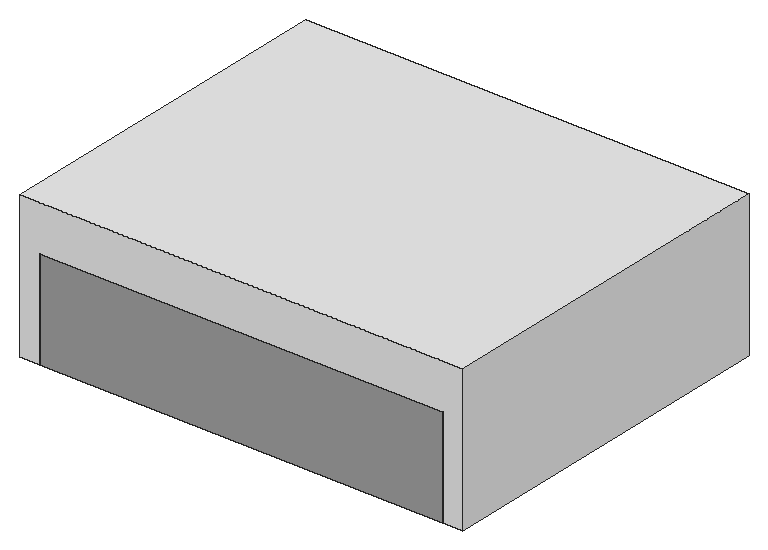
Revit family "17. Wichmann Kabelbox UFK EF_WAND", category HLS-Bauteile, Revit 2018
Family settings
  Basisbauteil = Wand
  Bemaßung runder Anschluss = Durchmesser verwenden
  Teiletyp = Normal
  Immer vertikal = Ja
  Beim Laden mit Abzugskörper schneiden = Nein
  Gemeinsam genutzt = Nein
  Raumberechnungspunkt = Nein
Parameters (values of type "Kabelbox UFK EF, 110x335x270 mm")
  Wandbreite [instance] = 300 mm
  Rohbauöffnung = yes
  HR = 125 mm
  HI = 75 mm
  HA = 110 mm
  HO = 0 mm  # constant formula
  HAN = "EFUFK7530"
  BR = 375 mm
  BI = 305 mm
  BA = 335 mm
  Tbox = 270 mm
  Ah0 [instance] = HR - HA  # 15 mm
  Abo [instance] = 0.5 * (BR - BA)  # 20 mm
Types (70, lengths in mm): name | HR | HI | HA | HAN | BR | BI | BA
  Kabelbox UFK EF, 110x335x270 mm | 125 | 75 | 110 | "EFUFK7530" | 375 | 305 | 335
  Kabelbox UFK EF, 110x280x270 mm | 125 | 75 | 110 | "EFUFK7525" | 320 | 250 | 280
  Kabelbox UFK EF, 110x230x270 mm | 125 | 75 | 110 | "EFUFK7520" | 270 | 200 | 230
  Kabelbox UFK EF, 110x220x270 mm | 125 | 75 | 110 | "EFUFK7519" | 260 | 190 | 220
  Kabelbox UFK EF, 110x200x270 mm | 125 | 75 | 110 | "EFUFK7517" | 240 | 170 | 200
  Kabelbox UFK EF, 110x120x270 mm | 125 | 75 | 110 | "EFUFK759" | 160 | 90 | 120
  Kabelbox UFK EF, 100x535x270 mm | 115 | 66 | 100 | "EFUFK6650" | 575 | 505 | 535
  Kabelbox UFK EF, 100x460x270 mm | 115 | 66 | 100 | "EFUFK6643" | 500 | 430 | 460
  Kabelbox UFK EF, 100x435x270 mm | 115 | 66 | 100 | "EFUFK6640" | 475 | 405 | 435
  Kabelbox UFK EF, 100x335x270 mm | 115 | 66 | 100 | "EFUFK6630" | 375 | 305 | 335
  Kabelbox UFK EF, 100x280x270 mm | 115 | 66 | 100 | "EFUFK6625" | 320 | 250 | 280
  Kabelbox UFK EF, 100x230x270 mm | 115 | 66 | 100 | "EFUFK6620" | 270 | 200 | 230
  Kabelbox UFK EF, 100x220x270 mm | 115 | 66 | 100 | "EFUFK6619" | 260 | 190 | 220
  Kabelbox UFK EF, 100x200x270 mm | 115 | 66 | 100 | "EFUFK6617" | 240 | 170 | 200
  Kabelbox UFK EF, 100x120x270 mm | 115 | 66 | 100 | "EFUFK669" | 160 | 90 | 120
  Kabelbox UFK EF, 90x535x270 mm | 105 | 58 | 90 | "EFUFK5850" | 575 | 505 | 535
  Kabelbox UFK EF, 90x460x270 mm | 105 | 58 | 90 | "EFUFK5843" | 500 | 430 | 460
  Kabelbox UFK EF, 90x435x270 mm | 105 | 58 | 90 | "EFUFK5840" | 475 | 405 | 435
  Kabelbox UFK EF, 90x380x270 mm | 105 | 58 | 90 | "EFUFK5835" | 420 | 350 | 380
  Kabelbox UFK EF, 90x280x270 mm | 105 | 58 | 90 | "EFUFK5825" | 320 | 250 | 280
  Kabelbox UFK EF, 90x230x270 mm | 105 | 58 | 90 | "EFUFK5820" | 270 | 200 | 230
  Kabelbox UFK EF, 90x220x270 mm | 105 | 58 | 90 | "EFUFK5819" | 260 | 190 | 220
  Kabelbox UFK EF, 90x200x270 mm | 105 | 58 | 90 | "EFUFK5817" | 240 | 170 | 200
  Kabelbox UFK EF, 90x120x270 mm | 105 | 58 | 90 | "EFUFK589" | 160 | 90 | 120
  Kabelbox UFK EF, 80x535x270 mm | 95 | 52 | 80 | "EFUFK5250" | 575 | 505 | 535
  Kabelbox UFK EF, 80x460x270 mm | 95 | 52 | 80 | "EFUFK5243" | 500 | 430 | 460
  Kabelbox UFK EF, 80x435x270 mm | 95 | 52 | 80 | "EFUFK5240" | 475 | 405 | 435
  Kabelbox UFK EF, 80x380x270 mm | 95 | 52 | 80 | "EFUFK5235" | 420 | 350 | 380
  Kabelbox UFK EF, 80x335x270 mm | 95 | 52 | 80 | "EFUFK5230" | 375 | 305 | 335
  Kabelbox UFK EF, 80x230x270 mm | 95 | 52 | 80 | "EFUFK5220" | 270 | 200 | 230
  Kabelbox UFK EF, 80x220x270 mm | 95 | 52 | 80 | "EFUFK5219" | 260 | 190 | 220
  Kabelbox UFK EF, 80x200x270 mm | 95 | 52 | 80 | "EFUFK5217" | 240 | 170 | 200
  Kabelbox UFK EF, 80x120x270 mm | 95 | 52 | 80 | "EFUFK529" | 160 | 90 | 120
  Kabelbox UFK EF, 68x535x270 mm | 83 | 48 | 68 | "EFUFK4850" | 575 | 505 | 535
  Kabelbox UFK EF, 68x460x270 mm | 83 | 48 | 68 | "EFUFK4843" | 500 | 430 | 460
  Kabelbox UFK EF, 68x435x270 mm | 83 | 48 | 68 | "EFUFK4840" | 475 | 405 | 435
  Kabelbox UFK EF, 68x380x270 mm | 83 | 48 | 68 | "EFUFK4835" | 420 | 350 | 380
  Kabelbox UFK EF, 68x335x270 mm | 83 | 48 | 68 | "EFUFK4830" | 375 | 305 | 335
  Kabelbox UFK EF, 68x280x270 mm | 83 | 48 | 68 | "EFUFK4825" | 320 | 250 | 280
  Kabelbox UFK EF, 68x220x270 mm | 83 | 48 | 68 | "EFUFK4819" | 260 | 190 | 220
  Kabelbox UFK EF, 68x200x270 mm | 83 | 48 | 68 | "EFUFK4817" | 240 | 170 | 200
  Kabelbox UFK EF, 68x120x270 mm | 83 | 48 | 68 | "EFUFK489" | 160 | 90 | 120
  Kabelbox UFK EF, 55x535x270 mm | 70 | 38 | 55 | "EFUFK3850" | 575 | 505 | 535
  Kabelbox UFK EF, 55x460x270 mm | 70 | 38 | 55 | "EFUFK3843" | 500 | 430 | 460
  Kabelbox UFK EF, 55x435x270 mm | 70 | 38 | 55 | "EFUFK3840" | 475 | 405 | 435
  Kabelbox UFK EF, 55x380x270 mm | 70 | 38 | 55 | "EFUFK3835" | 420 | 350 | 380
  Kabelbox UFK EF, 55x335x270 mm | 70 | 38 | 55 | "EFUFK3830" | 375 | 305 | 335
  Kabelbox UFK EF, 55x280x270 mm | 70 | 38 | 55 | "EFUFK3825" | 320 | 250 | 280
  Kabelbox UFK EF, 55x230x270 mm | 70 | 38 | 55 | "EFUFK3820" | 270 | 200 | 230
  Kabelbox UFK EF, 55x200x270 mm | 70 | 38 | 55 | "EFUFK3817" | 240 | 170 | 200
  Kabelbox UFK EF, 55x120x270 mm | 70 | 38 | 55 | "EFUFK389" | 160 | 90 | 120
  Kabelbox UFK EF, 41x535x270 mm | 56 | 28 | 41 | "EFUFK2850" | 575 | 505 | 535
  Kabelbox UFK EF, 41x460x270 mm | 56 | 28 | 41 | "EFUFK2843" | 500 | 430 | 460
  Kabelbox UFK EF, 41x435x270 mm | 56 | 28 | 41 | "EFUFK2840" | 475 | 405 | 435
  Kabelbox UFK EF, 41x380x270 mm | 56 | 28 | 41 | "EFUFK2835" | 420 | 350 | 380
  Kabelbox UFK EF, 41x335x270 mm | 56 | 28 | 41 | "EFUFK2830" | 375 | 305 | 335
  Kabelbox UFK EF, 41x280x270 mm | 56 | 28 | 41 | "EFUFK2825" | 320 | 250 | 280
  Kabelbox UFK EF, 41x230x270 mm | 56 | 28 | 41 | "EFUFK2820" | 270 | 200 | 230
  Kabelbox UFK EF, 41x220x270 mm | 56 | 28 | 41 | "EFUFK2819" | 260 | 190 | 220
  Kabelbox UFK EF, 41x200x270 mm | 56 | 28 | 41 | "EFUFK2817" | 240 | 170 | 200
  Kabelbox UFK EF, 41x120x270 mm | 56 | 28 | 41 | "EFUFK289" | 160 | 90 | 120
  Kabelbox UFK EF, 110x460x270 mm | 125 | 75 | 110 | "EFUFK7543" | 500 | 430 | 460
  Kabelbox UFK EF, 110x435x270 mm | 125 | 75 | 110 | "EFUFK7540" | 475 | 405 | 435
  Kabelbox UFK EF, 110x380x270 mm | 125 | 75 | 110 | "EFUFK7535" | 420 | 350 | 380
  Kabelbox UFK EF, 100x380x270 mm | 115 | 66 | 100 | "EFUFK6635" | 420 | 350 | 380
  Kabelbox UFK EF, 90x335x270 mm | 105 | 58 | 90 | "EFUFK5830" | 375 | 305 | 335
  Kabelbox UFK EF, 80x280x270 mm | 95 | 52 | 80 | "EFUFK5225" | 320 | 250 | 280
  Kabelbox UFK EF, 68x230x270 mm | 83 | 48 | 68 | "EFUFK4820" | 270 | 200 | 230
  Kabelbox UFK EF, 55x220x270 mm | 70 | 38 | 55 | "EFUFK3819" | 260 | 190 | 220
  Kabelbox UFK EF, 110x535x270 mm | 125 | 75 | 110 | "EFUFK7550" | 575 | 505 | 535
Reference planes
  plane 1 "Wand": y = 0
  plane 2 "Mitte (Links/rechts)": x = 125
  plane 3 "Hinten": y = 150
  plane 4: y = 135
  plane 5: y = -135
  plane 6: z = 0
  plane 7 "Vorne": y = -150
  plane 8: x = -27.5
  plane 9: x = 277.5
  plane 10: x = -42.5
  plane 11: x = 292.5
  plane 12: x = -62.5
  plane 13: x = 312.5
  plane 14: z = 75
  plane 15: z = 110
  plane 16: z = 125
Forms (mm)
  Extrusion 1, solid, material "Brandschutzeinlage"
    sketch origin (0, 0, 0) x (1, 0, 0) y (0, 0, 1)
      loop
        line (-42.5, 0) -> (-27.5, 0) -> (-27.5, 75) -> (277.5, 75) -> (277.5, 0) -> (292.5, 0) -> (292.5, 110) -> (-42.5, 110) -> (-42.5, 0)
    from -135 to 135
  Extrusion 2, solid, material "EasyFoam"
    sketch origin (0, 0, 0) x (1, 0, 0) y (0, 0, 1)
      loop
        line (-27.5, 75) -> (-27.5, 0) -> (277.5, 0) -> (277.5, 75) -> (-27.5, 75)
    from -135 to 135
Text (mm)
  text "Placement Side" at (-1848.837, 1116.779, 0), in view "Ref.-Ebene"
  text "Placement side" at (0, 1409.804, 2854.306), in view "Links"
  text "Placement side" at (0, 499.811, 2980.732), in view "Rechts"
Dimensions and locks
  locked: plane 3 "Hinten" to host wall
  "Tbox": plane 4 to plane 5
  "Wandbreite": plane 7 "Vorne" to plane 3 "Hinten"
  equal spacing: plane 7 "Vorne", host wall, plane 3 "Hinten"
  equal spacing: nested 1, plane 2 "Mitte (Links/rechts)", nested 1
  "HO": plane 6 to level
  equal spacing: plane 12, plane 2 "Mitte (Links/rechts)", plane 13
  equal spacing: plane 10, plane 2 "Mitte (Links/rechts)", plane 11
  equal spacing: plane 8, plane 2 "Mitte (Links/rechts)", plane 9
  "HI": plane 14 to plane 6
  "HA": plane 15 to plane 6
  "HR": plane 16 to plane 6
  "BR": plane 12 to plane 13
  "BA": plane 10 to plane 11
  "BI": plane 8 to plane 9
  aligned and locked: plane 1 "Wand" to host wall
  aligned and locked: plane 6 to nested 1
  aligned and locked: Extrusion 1 sketch curve to plane 10
  aligned and locked: Extrusion 1 sketch curve to plane 15
  aligned and locked: plane 14 to Extrusion 1 sketch curve
  aligned and locked: plane 11 to Extrusion 1 sketch curve
  aligned and locked: Extrusion 1 sketch curve to plane 9
  aligned and locked: Extrusion 2 sketch curve to plane 14
  aligned and locked: plane 8 to Extrusion 2 sketch curve
  aligned and locked: Extrusion 2 sketch curve to Extrusion 1  (x2)
  aligned and locked: plane 4 to Extrusion 1
  aligned and locked: Extrusion 1 to plane 5
  aligned and locked: Extrusion 2 to plane 5
  aligned and locked: plane 4 to Extrusion 2
  aligned and locked: plane 8 to Extrusion 1 sketch curve
  aligned and locked: Extrusion 1 sketch curve to plane 6
  aligned and locked: plane 6 to Extrusion 1 sketch curve
Nested families
  nested 1: "Wandöffnung rechteckig" at (0, 0, -1815.446), visible <- "Rohbauöffnung", Breite Aussparung <- "BR", Höhe Aussparung <- "HR", Ab <- "Abo", Ah <- "Ah0", type "WD"
    with Vorzeichen Umkehrung -10 mm, Unterer virtueller Schnittkörper 10 mm, Tiefe Aussparung 100 mm, Oberer virtueller Schnittkörper 10 mm, Linien verdeckt Ansicht no, Linien verdeckt no, Linien ausgezogen Ansicht yes, Linien ausgezogen yes, Höhe Aussparung 125 mm, Breite Aussparung 375 mm, Aussparung verdeckt no, Aussparung undurchsichtig yes, Aussparung höhenbezogen darstellen yes, Ausklinkungsansicht (nur bei Schatten) 20 mm, Ah 15 mm, Ab 20 mm, A2 110 mm, A1 335 mm, 2D Symbol Schnitt none, 2D Symbol Grundriss none, 2D Symbol Ansicht none
Definition of nested family "Wandöffnung rechteckig"
  Parameters (values of type "WD")
    Wandbreite [instance] = 150 mm
    Oberer virtueller Schnittkörper [instance] = 10 mm
    Vorzeichen Umkehrung [instance] = -1 * Unterer virtueller Schnittkörper  # -10 mm
    Präfix Beschriftung Aussparung = "B/H/T ="
    Aussparung verdeckt [instance] = or(Oberer virtueller Schnittkörper > Höhe Aussparung / 2, Unterer virtueller Schnittkörper > Höhe Aussparung / 2)  # no
    Breite Aussparung [instance] = 1000 mm
    Aussparung undurchsichtig [instance] = not(Linien verdeckt)  # yes
    Aussparung höhenbezogen darstellen [instance] = yes
    Höhe Aussparung [instance] = 1400 mm
    Tiefe2 Aussparung [instance] = if(Durchbruch, Wandbreite, if(not(Tiefe Aussparung < Wandbreite), Wandbreite - 10 mm, Tiefe Aussparung))  # 150 mm
    Tiefe Aussparung [instance] = 100 mm
    Ausklinkung Grundriss (nur bei Schatten) [instance] = if(and(Tiefe2 Aussparung > 400 mm, Breite Aussparung > 400 mm), 80 mm, if(Tiefe2 Aussparung < Breite Aussparung, Tiefe2 Aussparung * 0.2, Breite Aussparung * 0.2))  # 30 mm
    Ausklinkungsansicht (nur bei Schatten) [instance] = Ab  # 50 mm
    Kerbenschnitt (nur bei Schatten) [instance] = if(and(Tiefe2 Aussparung > 400 mm, Höhe Aussparung > 400 mm), 80 mm, if(Tiefe2 Aussparung < Höhe Aussparung, Tiefe2 Aussparung * 0.2, Höhe Aussparung * 0.2))  # 30 mm
    Unterer virtueller Schnittkörper [instance] = 10 mm
    Linien ausgezogen Ansicht [instance] = Durchbruch  # yes
    Linien ausgezogen [instance] = not(Linien verdeckt)  # yes
    Verdeckt außerhalb Maskierung [instance] = Wandbreite < 0 mm  # no
    Linien verdeckt Ansicht [instance] = not(Durchbruch)  # no
    Linien verdeckt [instance] = and(Aussparung verdeckt, Aussparung höhenbezogen darstellen)  # no
    Durchbruch = yes
    Aussparung Tiefe2 [instance] = if(Durchbruch, Wandbreite, if(not(Tiefe Aussparung < Wandbreite), Wandbreite - 10 mm, Tiefe Aussparung))  # 150 mm
    Ah [instance] = 50 mm
    A2 [instance] = Höhe Aussparung - Ah  # 1350 mm
    A1 [instance] = Breite Aussparung - 2 * Ab  # 900 mm
    Ab [instance] = 50 mm
    2D Symbol Ansicht [instance] = Schatten gefüllt : Schatten gefüllt
    2D Symbol Schnitt [instance] = Kreuz : Kreuz
    2D Symbol Grundriss [instance] = Kreuz : Kreuz
  Reference planes
    plane 1 "Wand": y = 0
    plane 2 "Mitte (Links/rechts)": x = 125
    plane 3 "Hinten": y = 75
    plane 4: z = 1940.446
    plane 5 "Mitte (Oben/Unten)": z = 1240.446
    plane 6: z = 540.446
    plane 7: x = 625
    plane 8: x = -375
    plane 9: y = 0
    plane 10 "Vorn": y = -75
    plane 11 "Gegenüber": y = -75
    plane 12: x = 575
    plane 13: x = -325
    plane 14: z = 1890.446
  Forms (mm)
    Extrusion 1, void
      sketch origin (0, 75, -100) x (1, 0, 0) y (0, 0, 1)
        loop
          line (625, 2040.446) -> (-375, 2040.446) -> (-375, 640.446) -> (625, 640.446) -> (625, 2040.446)
      from 0 to 150
  Text (mm)
    text "Platzierungsseite" at (-1848.837, 1116.779, 0), in view "Ref.-Ebene"
    text "Platzierungsseite" at (0, 1409.804, 2854.306), in view "Links"
    text "Platzierungsseite" at (0, 499.811, 2980.732), in view "Rechts"
  Dimensions and locks
    locked: plane 3 "Hinten" to host wall
    equal spacing: plane 8, plane 2 "Mitte (Links/rechts)", plane 7
    "Breite Aussparung": plane 8 to plane 7
    equal spacing: plane 6, plane 5 "Mitte (Oben/Unten)", plane 4
    "Höhe Aussparung": plane 6 to plane 4
    "Wandbreite": host wall to host wall
    equal spacing: plane 3 "Hinten", plane 9, plane 10 "Vorn"
    "Tiefe2 Aussparung": plane 10 "Vorn" to plane 3 "Hinten"
    "Ab": plane 8 to plane 13
    "Ab": plane 7 to plane 12
    "Ah": plane 4 to plane 14
    aligned and locked: plane 1 "Wand" to host wall
    aligned and locked: nested 2 to plane 9
    aligned and locked: plane 10 "Vorn" to nested 2
    aligned and locked: nested 1 to plane 9
    aligned and locked: plane 4 to Extrusion 1
    aligned and locked: Extrusion 1 to plane 6
    aligned and locked: plane 8 to Extrusion 1
    aligned and locked: Extrusion 1 to plane 7
    aligned and locked: plane 10 "Vorn" to Extrusion 1
    aligned and locked: Extrusion 1 to plane 3 "Hinten"
    aligned and locked: plane 11 "Gegenüber" to host wall
    aligned and locked: plane 5 "Mitte (Oben/Unten)" to nested 3
    aligned and locked: plane 2 "Mitte (Links/rechts)" to nested 3
    aligned and locked: plane 5 "Mitte (Oben/Unten)" to nested 4
    aligned and locked: plane 2 "Mitte (Links/rechts)" to nested 4
    aligned and locked: plane 2 "Mitte (Links/rechts)" to nested 5
    aligned and locked: nested 5 to plane 9
    aligned and locked: plane 5 "Mitte (Oben/Unten)" to nested 6
    aligned and locked: nested 6 to host wall
    aligned and locked: nested 1 to plane 6
    aligned and locked: nested 6 to plane 6
  Automatic sketch dimensions
    plane 4 to Extrusion 1 sketch curve = 0 mm
    plane 8 to Extrusion 1 sketch curve = 0 mm
    Extrusion 1 sketch curve to plane 6 = 0 mm
    plane 7 to Extrusion 1 sketch curve = 0 mm
  Nested families
    nested 1: "Kreuz" at (125, 0, 1215.446) x (0, -1, 0) z (1, 0, 0), Tiefe <- "A2", Breite <- "Tiefe2 Aussparung", type <- "2D Symbol Schnitt", Wand maskieren <- "Verdeckt außerhalb Maskierung", Verdeckte Linien <- "Verdeckt außerhalb Maskierung", type "Kreuz"
      with Wand maskieren no, Verdeckte Linien no, Tiefe 1350 mm, Linien ausgezogen yes, Füllungssymbol yes, Breite 150 mm
    nested 2: "Kreuz" at (125, 0, 1240.446), Breite <- "A1", Tiefe <- "Tiefe2 Aussparung", Wand maskieren <- "Aussparung undurchsichtig", Linien ausgezogen <- "Linien ausgezogen", Verdeckte Linien <- "Linien verdeckt", type <- "2D Symbol Grundriss", type "Kreuz"
      with Wand maskieren yes, Verdeckte Linien no, Tiefe 150 mm, Linien ausgezogen yes, Füllungssymbol yes, Breite 900 mm
    nested 3: "Schatten gefüllt" at (125, 75, 1240.446) x (-1, 0, 0) z (0, -1, 0), Tiefe <- "Höhe Aussparung", Breite <- "Breite Aussparung", Wand maskieren <- "Verdeckt außerhalb Maskierung", Verdeckte Linien <- "Verdeckt außerhalb Maskierung", type <- "2D Symbol Ansicht", Ah0 <- "Ah", Ab0 <- "Ab", type "Schatten gefüllt"
      with Wand maskieren no, Verdeckte Linien no, Tiefe 1400 mm, Linien ausgezogen yes, Füllungssymbol yes, Breite 1000 mm, Ah0 50 mm, Ab0 50 mm
    nested 4: "Schatten gefüllt" at (125, -75, 1240.446) x (-1, 0, 0) z (0, -1, 0), Tiefe <- "Höhe Aussparung", Wand maskieren <- "Verdeckt außerhalb Maskierung", Füllungssymbol <- "Verdeckt außerhalb Maskierung", Linien ausgezogen <- "Linien ausgezogen Ansicht", Verdeckte Linien <- "Linien verdeckt Ansicht", Breite <- "Breite Aussparung", type <- "2D Symbol Ansicht", Ab0 <- "Ab", Ah0 <- "Ah", type "Schatten gefüllt"
      with Wand maskieren no, Verdeckte Linien no, Tiefe 1400 mm, Linien ausgezogen yes, Füllungssymbol no, Breite 1000 mm, Ah0 50 mm, Ab0 50 mm
    nested 5: "LoMoChuNhat" at (125, 0, 0), B <- "Breite Aussparung", T <- "Tiefe2 Aussparung", type "LoMoChuNhat"
      with Wand maskieren yes, Verdeckte Linien yes, T 150 mm, Linien ausgezogen yes, Füllungssymbol yes, B 1000 mm
    nested 6: "LoMoChuNhat" at (125, 0, 1240.446) x (0, 0, 1) z (1, 0, 0), B <- "Höhe Aussparung", T <- "Tiefe2 Aussparung", type "LoMoChuNhat"
      with Wand maskieren yes, Verdeckte Linien yes, T 150 mm, Linien ausgezogen yes, Füllungssymbol yes, B 1400 mm
  Definition of nested family "Kreuz"
    Parameters (values of type "Kreuz gefüllt")
      Breite [instance] = 200 mm
      Wand maskieren [instance] = yes
      Linien ausgezogen [instance] = yes
      Verdeckte Linien [instance] = yes
      Füllungssymbol [instance] = yes
      Tiefe [instance] = 100 mm
    Reference planes
      plane 1 "Mitte ( Vorne/hinten)": y = 0
      plane 2: z = 0
      plane 3 "Mitte (Links/rechts)": x = 0
      plane 4: y = 50
      plane 5: x = -100
      plane 6: x = 100
      plane 7: y = -50
    Lines and regions (mm)
      Masking region 1, in view "Ref.-Ebene", visible <- "Wand maskieren"
        outline origin (0, 0, 0) x (1, 0, 0) y (0, 1, 0)
          loop
            line (-100, -50) -> (0, 0) -> (-100, 50) -> (-100, -50)
      Masking region 2, in view "Ref.-Ebene", visible <- "Wand maskieren"
        outline origin (0, 0, 0) x (0, 1, 0) y (-1, 0, 0)
          loop
            line (-50, -100) -> (50, -100) -> (0, 0) -> (-50, -100)
      Masking region 3, in view "Ref.-Ebene", visible <- "Wand maskieren"
        outline origin (0, 0, 0) x (1, 0, 0) y (0, 1, 0)
          loop
            line (-100, 50) -> (0, 0) -> (100, 50) -> (-100, 50)
      Masking region 4, in view "Ref.-Ebene", visible <- "Wand maskieren"
        outline origin (0, 0, 0) x (0, -1, 0) y (1, 0, 0)
          loop
            line (50, -100) -> (50, 100) -> (0, 0) -> (50, -100)
      detail lines, in view "Ref.-Ebene", visible <- "Linien ausgezogen"
        curve 1: line (-100, 50, 0) -> (100, 50, 0)
        curve 2: line (-100, -50, 0) -> (-100, 50, 0)
        curve 3: line (100, -50, 0) -> (-100, -50, 0)
        curve 4: line (100, 50, 0) -> (100, -50, 0)
        curve 5: line (-100, -50, 0) -> (100, 50, 0)
        curve 6: line (-100, 50, 0) -> (100, -50, 0)
      detail lines, in view "Ref.-Ebene", visible <- "Verdeckte Linien"
        curve 7: line (-100, 50, 0) -> (100, 50, 0)
        curve 8: line (-100, -50, 0) -> (-100, 50, 0)
        curve 9: line (100, -50, 0) -> (-100, -50, 0)
        curve 10: line (100, 50, 0) -> (100, -50, 0)
        curve 11: line (-100, 50, 0) -> (100, -50, 0)
        curve 12: line (-100, -50, 0) -> (100, 50, 0)
    Dimensions and locks
      equal spacing: plane 5, plane 3 "Mitte (Links/rechts)", plane 6
      equal spacing: plane 4, plane 1 "Mitte ( Vorne/hinten)", plane 7
      "Breite": plane 5 to plane 6
      "Tiefe": plane 4 to plane 7
      aligned and locked: curve 1 to plane 4
      aligned and locked: curve 3 to plane 7
      aligned and locked: Masking region 1 sketch curve to curve 2
      aligned and locked: Masking region 1 sketch curve to curve 6
      aligned and locked: Masking region 1 sketch curve to curve 5
      aligned and locked: Masking region 2 sketch curve to plane 6
      aligned and locked: Masking region 2 sketch curve to curve 5
      aligned and locked: Masking region 2 sketch curve to curve 6
      aligned and locked: Masking region 3 sketch curve to curve 1
      aligned and locked: Masking region 3 sketch curve to curve 6
      aligned and locked: curve 5 to Masking region 3 sketch curve
      aligned and locked: plane 7 to Masking region 4 sketch curve
      aligned and locked: curve 6 to Masking region 4 sketch curve
      aligned and locked: Masking region 4 sketch curve to curve 5
      aligned and locked: plane 6 to curve 10
      aligned and locked: plane 5 to curve 8
  Definition of nested family "Schatten gefüllt"
    Parameters (values of type "Schatten gefüllt")
      Wand maskieren [instance] = yes
      Linien ausgezogen [instance] = yes
      Verdeckte Linien [instance] = no
      Ab0 [instance] = 30 mm
      Füllungssymbol [instance] = yes
      Tiefe [instance] = 100 mm
      Breite [instance] = 200 mm
      Assembly Code = ""
      Ah0 [instance] = 30 mm
    Reference planes
      plane 1 "Mitte ( Vorne/hinten)": y = 0
      plane 2: z = 0
      plane 3 "Mitte (Links/rechts)": x = 0
      plane 4: y = 50
      plane 5: x = -100
      plane 6: x = 100
      plane 7: y = -50
      plane 8: y = 20
      plane 9: x = -70
    Lines and regions (mm)
      Filled region 1, type "Schwarz", in view "Referenzebene.", visible <- "Füllungssymbol"
        outline origin (0, 0, 0) x (0, 1, 0) y (-1, 0, 0)
          loop
            line (50, -100) -> (50, 100) -> (-50, 100) -> (20, 70) -> (50, -100)
      Masking region 1, in view "Referenzebene.", visible <- "Wand maskieren"
        outline origin (0, 0, 0) x (0, 1, 0) y (-1, 0, 0)
          loop
            line (-50, -100) -> (50, -100) -> (20, 70) -> (-50, 100) -> (-50, -100)
      detail lines, in view "Referenzebene.", visible <- "Linien ausgezogen"
        curve 1: line (100, 50, 0) -> (-100, 50, 0)
        curve 2: line (100, -50, 0) -> (100, 50, 0)
        curve 3: line (-100, -50, 0) -> (100, -50, 0)
        curve 4: line (-100, 50, 0) -> (-100, -50, 0)
        curve 5: line (100, 50, 0) -> (-70, 20, 0)
        curve 6: line (-70, 20, 0) -> (-100, -50, 0)
      detail lines, in view "Referenzebene.", visible <- "Verdeckte Linien"
        curve 7: line (100, 50, 0) -> (-100, 50, 0)
        curve 8: line (100, -50, 0) -> (100, 50, 0)
        curve 9: line (-100, -50, 0) -> (100, -50, 0)
        curve 10: line (-100, 50, 0) -> (-100, -50, 0)
        curve 11: line (100, 50, 0) -> (-70, 20, 0)
        curve 12: line (-70, 20, 0) -> (-100, -50, 0)
    Dimensions and locks
      equal spacing: plane 5, plane 3 "Mitte (Links/rechts)", plane 6
      "Breite": plane 5 to plane 6
      equal spacing: plane 4, plane 1 "Mitte ( Vorne/hinten)", plane 7
      "Tiefe": plane 7 to plane 4
      "Ah0": plane 4 to plane 8
      "Ab0": plane 5 to plane 9
      aligned and locked: Masking region 1 sketch curve to curve 11
      aligned and locked: Masking region 1 sketch curve to curve 12
      aligned and locked: plane 7 to Masking region 1 sketch curve
      aligned and locked: Masking region 1 sketch curve to plane 6
      aligned and locked: Filled region 1 sketch curve to plane 5
      aligned and locked: plane 4 to Filled region 1 sketch curve
      aligned and locked: curve 4 to plane 5
      aligned and locked: curve 2 to plane 6
      aligned and locked: plane 4 to curve 1
      aligned and locked: plane 7 to curve 3
      aligned and locked: Filled region 1 sketch curve to curve 6
      aligned and locked: Filled region 1 sketch curve to curve 11
    Automatic sketch dimensions
      Masking region 1 sketch curve to plane 8 = 0 mm
      Masking region 1 sketch curve to plane 4 = 0 mm
      Masking region 1 sketch curve to plane 9 = 0 mm
      Masking region 1 sketch curve to plane 5 = 0 mm
  Definition of nested family "LoMoChuNhat"
    Parameters (values of type "LoMoChuNhat")
      B [instance] = 200 mm
      Wand maskieren [instance] = yes
      Linien ausgezogen [instance] = yes
      Verdeckte Linien [instance] = yes
      Füllungssymbol [instance] = yes
      T [instance] = 100 mm
    Reference planes
      plane 1 "Mitte ( Vorne/hinten)": y = 0
      plane 2: z = 0
      plane 3 "Mitte (Links/rechts)": x = 0
      plane 4: y = 50
      plane 5: x = -100
      plane 6: x = 100
      plane 7: y = -50
    Lines and regions (mm)
      Masking region 1, in view "Ref.-Ebene", visible <- "Wand maskieren"
        outline origin (0, 0, 0) x (1, 0, 0) y (0, 1, 0)
          loop
            line (-100, -50) -> (0, 0) -> (-100, 50) -> (-100, -50)
      Masking region 2, in view "Ref.-Ebene", visible <- "Wand maskieren"
        outline origin (0, 0, 0) x (0, 1, 0) y (-1, 0, 0)
          loop
            line (-50, -100) -> (50, -100) -> (0, 0) -> (-50, -100)
      Masking region 3, in view "Ref.-Ebene", visible <- "Wand maskieren"
        outline origin (0, 0, 0) x (1, 0, 0) y (0, 1, 0)
          loop
            line (-100, 50) -> (0, 0) -> (100, 50) -> (-100, 50)
      Masking region 4, in view "Ref.-Ebene", visible <- "Wand maskieren"
        outline origin (0, 0, 0) x (0, -1, 0) y (1, 0, 0)
          loop
            line (50, -100) -> (50, 100) -> (0, 0) -> (50, -100)
      detail lines, in view "Ref.-Ebene", visible <- "Linien ausgezogen"
        curve 1: line (-100, 50, 0) -> (100, 50, 0)
        curve 2: line (-100, -50, 0) -> (-100, 50, 0)
        curve 3: line (100, -50, 0) -> (-100, -50, 0)
        curve 4: line (100, 50, 0) -> (100, -50, 0)
      detail lines, in view "Ref.-Ebene", visible <- "Verdeckte Linien"
        curve 5: line (-100, 50, 0) -> (100, 50, 0)
        curve 6: line (-100, -50, 0) -> (-100, 50, 0)
        curve 7: line (100, -50, 0) -> (-100, -50, 0)
        curve 8: line (100, 50, 0) -> (100, -50, 0)
    Dimensions and locks
      equal spacing: plane 5, plane 3 "Mitte (Links/rechts)", plane 6
      equal spacing: plane 4, plane 1 "Mitte ( Vorne/hinten)", plane 7
      "B": plane 5 to plane 6
      "T": plane 4 to plane 7
      aligned and locked: curve 1 to plane 4
      aligned and locked: curve 3 to plane 7
      aligned and locked: Masking region 1 sketch curve to curve 2
      aligned and locked: Masking region 2 sketch curve to plane 6
      aligned and locked: Masking region 3 sketch curve to curve 1
      aligned and locked: plane 7 to Masking region 4 sketch curve
      aligned and locked: plane 6 to curve 8
      aligned and locked: plane 5 to curve 6
    Automatic sketch dimensions
      plane 1 "Mitte ( Vorne/hinten)" to Masking region 1 sketch curve = 0 mm
      plane 7 to Masking region 1 sketch curve = 0 mm
      plane 1 "Mitte ( Vorne/hinten)" to Masking region 2 sketch curve = 0 mm
      Masking region 2 sketch curve to plane 4 = 0 mm
      plane 1 "Mitte ( Vorne/hinten)" to Masking region 3 sketch curve = 0 mm
      Masking region 3 sketch curve to plane 6 = 0 mm
      plane 1 "Mitte ( Vorne/hinten)" to Masking region 4 sketch curve = 0 mm
      Masking region 4 sketch curve to plane 5 = 0 mm
      Masking region 1 sketch curve to plane 3 "Mitte (Links/rechts)" = 0 mm
      Masking region 1 sketch curve to plane 4 = 0 mm
      plane 7 to Masking region 2 sketch curve = 0 mm
      Masking region 2 sketch curve to plane 3 "Mitte (Links/rechts)" = 0 mm
      Masking region 3 sketch curve to plane 5 = 0 mm
      Masking region 3 sketch curve to plane 3 "Mitte (Links/rechts)" = 0 mm
      Masking region 4 sketch curve to plane 3 "Mitte (Links/rechts)" = 0 mm
      Masking region 4 sketch curve to plane 6 = 0 mm
